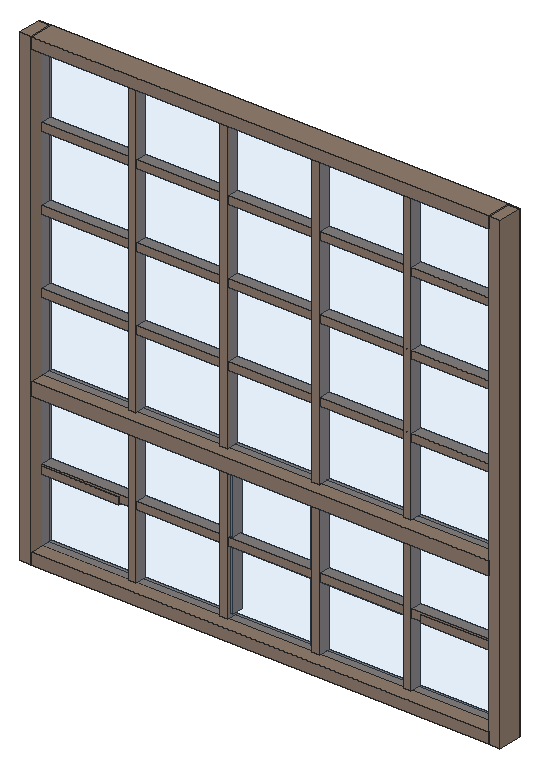
Revit family "Window_Curtain_Wall-Project_Out-Traco-NX_35X-Heavy_Commercial", category Windows, Revit 2015 (continued)
Nested families (in)
  nested 20: "Muntin-Grid-Traco-Lites" at (-12.13384, 0, 10.8125) x (1, 0, 0) z (0, 1, 0), Material <- "Frame Material", Glazing Thickness <- "Glazing Thickness", visible <- "CTRL Has No Vent", type "NX-350 - 10Lite"
    with Sash Height 1' - 6 5/8", Material Aluminum - Traco - Anodized - Bronze, Length 5' - 1", Glazing Thickness 0' - 1", CTRL Muntin Vertical Distance 0' - 9 5/16", CTRL Muntin Horizontal Distance 1' - 0.2", CTRL Face Offset 0' - 0 1/2", CTRL Bar Vertical Visibility yes, CTRL Bar Horizontal Visibility no, CTRL Array Vertical Visibility no, CTRL Array Horizontal Visibility yes, Muntin Horizontal Count 4, Lite Vertical Count 2, Lite Horizontal Count 5, Has True Muntins yes, Has Exterior Muntins no
  nested 21: "Muntin-Trapezoid-Traco-Single" at (6.16616, 0, 10.8125) x (0, 0, 1) z (0, 1, 0), type "1 1/2" x1""
    with Material Aluminum - Traco - Anodized - Bronze, Length 1' - 6 5/8", Width Top 0' - 1", Height 0' - 1 1/2"
  nested 22: "Muntin-Trapezoid-Traco-Single" at (-12.13384, 0, 10.8125) x (-1, 0, 0) z (0, 1, 0), type "1 1/2" x1""
    with Material Aluminum - Traco - Anodized - Bronze, Length 5' - 1", Width Top 0' - 1", Height 0' - 1 1/2"
  nested 23: "Muntin-Trapezoid-Traco-Single" at (-30.43384, 0, 10.8125) x (0, 0, 1) z (0, 1, 0), type "1 1/2" x1""
    with Material Aluminum - Traco - Anodized - Bronze, Length 1' - 6 5/8", Width Top 0' - 1", Height 0' - 1 1/2"
  nested 24: "Muntin-Trapezoid-Traco-Single" at (-12.13384, 0, 10.8125) x (-1, 0, 0) z (0, 1, 0), type "1 1/2" x1""
    with Material Aluminum - Traco - Anodized - Bronze, Length 5' - 1", Width Top 0' - 1", Height 0' - 1 1/2"
  nested 25: "Muntin-Trapezoid-Traco-Single" at (-12.13384, 0, 10.8125) x (1, 0, 0) z (0, 1, 0), type "1 1/2" x1""
    with Material Aluminum - Traco - Anodized - Bronze, Length 5' - 1", Width Top 0' - 1", Height 0' - 1 1/2"
  nested 26: "Muntin-Trapezoid-Traco-Single" at (-6.03384, 0, 10.8125) x (0, 0, 1) z (0, 1, 0), type "1 1/2" x1""
    with Material Aluminum - Traco - Anodized - Bronze, Length 1' - 6 5/8", Width Top 0' - 1", Height 0' - 1 1/2"
  nested 27: "Muntin-Trapezoid-Traco-Single" at (-18.23384, 0, 10.8125) x (0, 0, 1) z (0, 1, 0), type "1 1/2" x1""
    with Material Aluminum - Traco - Anodized - Bronze, Length 1' - 6 5/8", Width Top 0' - 1", Height 0' - 1 1/2"
Definition of nested family "Screen-Exterior-Traco-Half"
  Parameters
    Width [instance] = 4' - 0"
    URL = "http://www.alcoa.com/traco/en/home.asp"
    Screen Offset [instance] = 0' - 1 1/2"
    Screen Material = none
    Product Page URL = ""
    Product Documentation Link = ""
    Model = ""
    Frame Material = none
    Manufacturer = "Traco"  # constant formula
    Height [instance] = 7' - 0"
    Frame Width = 0' - 1 1/2"
    Frame Thickness = 0' - 0 3/8"
    Default Elevation = 4' - 0"
    Copyright © = "2011 Traco"  # constant formula
    CTRL Width [instance] = Width  # 4' - 0"
    CTRL Height [instance] = Height  # 7' - 0"
    Assembly Code = "B2010300"
  Reference planes (in)
    plane 1 "Center (Front/Back)": y = 0
    plane 2 "Original Ref": z = 0
    plane 3 "Center (Left/Right)": x = -1
    plane 4 "Bottom": z = 1.5
    plane 5 "Front": y = -42
    plane 6 "Back": y = 42
    plane 7 "Left": x = -25
    plane 8 "Right": x = 23
    plane 9 "Back Inset": y = 40.5
    plane 10 "Left Inset": x = -23.5
    plane 11 "Right Inset": x = 21.5
    plane 12 "Top": z = 1.875
    plane 13 "Front Inset": y = -40.5
    plane 14 "Screen Bottom": z = 1.635
  Forms (in)
    Extrusion 1, solid
      sketch origin (0, 0, 0) x (1, 0, 0) y (0, 1, 0)
        loop
          line (-48, 48) -> (-48, -48) -> (48, -48) -> (48, 48) -> (-48, 48)
      from 0 to -12
    Extrusion 2, solid, material <- "Frame Material", detail levels medium+fine
      sketch origin (0, 0, 0) x (1, 0, 0) y (0, 1, 0)
        loop
          line (-25, 42) -> (-25, -42) -> (23, -42) -> (23, 42) -> (-25, 42)
        loop
          line (21.5, -40.5) -> (21.5, 40.5) -> (-23.5, 40.5) -> (-23.5, -40.5) -> (21.5, -40.5)
      from 1.5 to 1.875
    Extrusion 3, solid, material <- "Screen Material", detail levels medium+fine
      sketch origin (0, 0, 1.875) x (-1, 0, 0) y (0, -1, 0)
        loop
          line (-21.5, 40.5) -> (-21.5, -40.5) -> (23.5, -40.5) -> (23.5, 40.5) -> (-21.5, 40.5)
      from -0.24 to 0
  Lines and regions (in)
    Masking region 1, detail levels medium+fine
      outline origin (0, 0, 0) x (1, 0, 0) y (0, 0, 1)
        loop
          line (-25, 1.875) -> (-25, 1.5) -> (-23.5, 1.5) -> (-23.5, 1.875) -> (-25, 1.875)
        loop
          line (23, 1.5) -> (23, 1.875) -> (21.5, 1.875) -> (21.5, 1.5) -> (23, 1.5)
    Masking region 2, detail levels medium+fine
      outline origin (0, 0, 1.875) x (-1, 0, 0) y (0, -1, 0)
        loop
          line (-23, 42) -> (-23, -42) -> (25, -42) -> (25, 42) -> (-23, 42)
        loop
          line (23.5, -40.5) -> (23.5, 40.5) -> (-21.5, 40.5) -> (-21.5, -40.5) -> (23.5, -40.5)
    Masking region 3, detail levels medium+fine
      outline origin (-1, 0, 0) x (0, 1, 0) y (0, 0, 1)
        loop
          line (-42, 1.875) -> (-42, 1.5) -> (-40.5, 1.5) -> (-40.5, 1.875) -> (-42, 1.875)
        loop
          line (42, 1.5) -> (42, 1.875) -> (40.5, 1.875) -> (40.5, 1.5) -> (42, 1.5)
    model lines, detail levels coarse
      curve 1: line (-25, -42, 1.875) -> (23, -42, 1.875)
      curve 2: line (23, -42, 1.875) -> (23, 42, 1.875)
      curve 3: line (23, 42, 1.875) -> (-25, 42, 1.875)
      curve 4: line (-25, 42, 1.875) -> (-25, -42, 1.875)
    model lines, detail levels fine
      curve 5: line (-25, 42, 1.875) -> (-23.5, 40.5, 1.875)
      curve 6: line (21.5, 40.5, 1.875) -> (23, 42, 1.875)
      curve 7: line (-25, -42, 1.875) -> (-23.5, -40.5, 1.875)
      curve 8: line (21.5, -40.5, 1.875) -> (23, -42, 1.875)
    symbolic lines
      curve 9: line (21.5, 0, 1.635) -> (-23.5, 0, 1.635)
      curve 10: line (-1, 40.5, 1.635) -> (-1, -40.5, 1.635)
      curve 13: line (-23.5, -40.5, 1.875) -> (21.5, 40.5, 1.875)
    symbolic lines, detail levels medium+fine
      curve 11: line (-23.5, 0, 1.875) -> (-1, 40.5, 1.875)
      curve 12: line (-1, -40.5, 1.875) -> (21.5, 0, 1.875)
    symbolic lines, detail levels coarse
      curve 14: line (-23.5, 0, 1.635) -> (-23.5, 0, 1.5)
      curve 15: line (21.5, 0, 1.635) -> (21.5, 0, 1.5)
      curve 16: line (-1, -40.5, 1.5) -> (-1, -40.5, 1.635)
      curve 17: line (-1, 40.5, 1.5) -> (-1, 40.5, 1.635)
  Dimensions and locks (in)
    plane 4 "Bottom" to plane 2 "Original Ref" = 0' - 1 1/2"
    "CTRL Width": plane 7 "Left" to plane 8 "Right"
    "CTRL Height": plane 5 "Front" to plane 6 "Back"
    "Frame Width": plane 6 "Back" to plane 9 "Back Inset"
    "Frame Width": plane 7 "Left" to plane 10 "Left Inset"
    "Frame Width": plane 11 "Right Inset" to plane 8 "Right"
    "Frame Thickness": plane 12 "Top" to plane 4 "Bottom"
    "Frame Width": plane 5 "Front" to plane 13 "Front Inset"
    equal spacing: plane 7 "Left", plane 3 "Center (Left/Right)", plane 8 "Right"
    locked: plane 12 "Top" to plane 14 "Screen Bottom" at 0.24
    equal spacing: plane 5 "Front", plane 1 "Center (Front/Back)", plane 6 "Back"
    "Screen Offset": plane 4 "Bottom" to plane 2 "Original Ref"
    aligned and locked: plane 2 "Original Ref" to Extrusion 1
    aligned and locked: level to Extrusion 1
    aligned and locked: Masking region 1 sketch curve to plane 12 "Top"
    aligned and locked: plane 4 "Bottom" to Masking region 1 sketch curve
    aligned and locked: Masking region 1 sketch curve to plane 7 "Left"
    aligned and locked: Masking region 2 sketch curve to plane 6 "Back"
    aligned and locked: Masking region 2 sketch curve to plane 7 "Left"
    aligned and locked: Masking region 2 sketch curve to plane 5 "Front"
    aligned and locked: Masking region 2 sketch curve to plane 8 "Right"
    aligned and locked: Masking region 2 sketch curve to plane 11 "Right Inset"
    aligned and locked: Masking region 2 sketch curve to plane 10 "Left Inset"
    aligned and locked: Masking region 2 sketch curve to plane 9 "Back Inset"
    aligned and locked: Masking region 2 sketch curve to plane 13 "Front Inset"
    aligned and locked: Extrusion 2 sketch curve to plane 9 "Back Inset"
    aligned and locked: Extrusion 2 sketch curve to plane 6 "Back"
    aligned and locked: Extrusion 2 sketch curve to plane 11 "Right Inset"
    aligned and locked: Extrusion 2 sketch curve to plane 8 "Right"
    aligned and locked: Extrusion 2 sketch curve to plane 10 "Left Inset"
    aligned and locked: Extrusion 2 sketch curve to plane 7 "Left"
    aligned and locked: Extrusion 2 sketch curve to plane 13 "Front Inset"
    aligned and locked: Extrusion 2 sketch curve to plane 5 "Front"
    aligned and locked: plane 12 "Top" to Extrusion 2
    aligned and locked: Extrusion 2 to plane 4 "Bottom"
    aligned and locked: curve 1 to Extrusion 2
    aligned and locked: curve 2 to Extrusion 2
    aligned and locked: curve 4 to Extrusion 2
    aligned and locked: Masking region 1 sketch curve to plane 8 "Right"
    aligned and locked: Masking region 3 sketch curve to plane 6 "Back"
    aligned and locked: Masking region 3 sketch curve to plane 5 "Front"
    aligned and locked: Masking region 3 sketch curve to plane 12 "Top"
    aligned and locked: Masking region 3 to plane 4 "Bottom"
    aligned and locked: plane 11 "Right Inset" to curve 8
    aligned and locked: plane 10 "Left Inset" to curve 7
    aligned and locked: plane 7 "Left" to curve 7
    aligned and locked: plane 10 "Left Inset" to curve 5
    aligned and locked: plane 11 "Right Inset" to curve 6
    aligned and locked: plane 5 "Front" to curve 8
    aligned and locked: plane 13 "Front Inset" to curve 8
    aligned and locked: plane 9 "Back Inset" to curve 6
    aligned and locked: plane 9 "Back Inset" to curve 5
    aligned and locked: plane 8 "Right" to curve 3
    aligned and locked: Extrusion 3 sketch curve to plane 9 "Back Inset"
    aligned and locked: Extrusion 3 sketch curve to plane 10 "Left Inset"
    aligned and locked: Extrusion 3 sketch curve to plane 13 "Front Inset"
    aligned and locked: Extrusion 3 sketch curve to plane 11 "Right Inset"
    aligned and locked: Extrusion 3 to plane 14 "Screen Bottom"
    aligned and locked: plane 12 "Top" to Extrusion 3
    aligned and locked: Masking region 1 sketch curve to plane 10 "Left Inset"
    aligned and locked: Masking region 1 sketch curve to plane 11 "Right Inset"
    aligned and locked: plane 11 "Right Inset" to curve 9
    aligned and locked: plane 14 "Screen Bottom" to curve 9
    aligned and locked: Masking region 3 sketch curve to plane 13 "Front Inset"
    aligned and locked: Masking region 3 sketch curve to plane 9 "Back Inset"
    aligned and locked: plane 13 "Front Inset" to curve 10
    aligned and locked: plane 9 "Back Inset" to curve 10
    aligned and locked: plane 14 "Screen Bottom" to curve 10
    aligned and locked: plane 6 "Back" to curve 6
    aligned and locked: plane 1 "Center (Front/Back)" to curve 12
    aligned and locked: plane 11 "Right Inset" to curve 12
    aligned and locked: plane 9 "Back Inset" to curve 11
    aligned and locked: plane 3 "Center (Left/Right)" to curve 11
    aligned and locked: plane 13 "Front Inset" to curve 12
    aligned and locked: plane 3 "Center (Left/Right)" to curve 12
    aligned and locked: plane 13 "Front Inset" to curve 13
    aligned and locked: plane 10 "Left Inset" to curve 11
    aligned and locked: plane 1 "Center (Front/Back)" to curve 11
    aligned and locked: plane 10 "Left Inset" to curve 14
    aligned and locked: plane 14 "Screen Bottom" to curve 14
    aligned and locked: plane 4 "Bottom" to curve 14
    aligned and locked: plane 14 "Screen Bottom" to curve 16
    aligned and locked: plane 4 "Bottom" to curve 16
    aligned and locked: curve 16 to plane 13 "Front Inset"
  Automatic sketch dimensions
    Extrusion 1 sketch curve to Extrusion 1 sketch curve = 8' - 0"  (x2)
    curve 15 to plane 4 "Bottom" = 0' - 0"
    Masking region 1 sketch curve to plane 4 "Bottom" = 0' - 0"
    Masking region 1 sketch curve to plane 12 "Top" = 0' - 0"
    Masking region 3 sketch curve to plane 4 "Bottom" = 0' - 0"  (x2)
    Masking region 3 sketch curve to plane 12 "Top" = 0' - 0"
    curve 17 to plane 4 "Bottom" = 0' - 0"
Definition of nested family "Muntin-Trapezoid-Traco-Single"
  Parameters
    Width Top = 0' - 0 7/16"
    Width Base = 0' - 1"
    URL = "http://www.alcoa.com/traco/en/home.asp"
    Product Page URL = "http://www.alcoa.com/traco/en/product.asp?prod_id=4228"
    Product Documentation Link = "http://www.alcoa.com/traco/en/cad_spec.asp?prod_id=4228&area=prod"
    Material [instance] = none
    Manufacturer = "Traco"  # constant formula
    Length [instance] = 1' - 0"
    Height = 0' - 0 5/8"
    Description = "Trapezoidal Profile"
    Copyright © = "2011 Traco"  # constant formula
  Reference planes (in)
    plane 1 "Center (Front/Back)": y = 0
    plane 2 "Original Bottom": z = 0
    plane 3 "Center (Left/Right)": x = 0
    plane 4 "Left": x = -6
    plane 5 "Right": x = 6
    plane 6 "Back": y = 0.5
    plane 7 "Front": y = -0.5
    plane 8 "Back Inset": y = 0.21875
    plane 9 "Front Inset": y = -0.21875
    plane 10 "Top": z = 0.625
    plane 11 "Bottom": z = 0
  Forms (in)
    Sweep 1, solid, material <- "Material", detail levels medium+fine
      path origin (0, 0, 0) x (0, -1, 0) y (1, 0, 0)
        loop
          line (0, 6) -> (0, -6)
      profile origin (0, 0, 0) x (0, -1, 0) y (0, 0, 1)
        loop
          line (0.5, 0) -> (0.21875, 0.625) -> (-0.21875, 0.625) -> (-0.5, 0) -> (0.5, 0)
  Lines and regions (in)
    Masking region 1, detail levels medium+fine
      outline origin (0, 0, 0) x (0, 1, 0) y (0, 0, 1)
        loop
          line (0.5, 0) -> (0.21875, 0.625) -> (-0.21875, 0.625) -> (-0.5, 0) -> (0.5, 0)
    Masking region 2, detail levels medium+fine
      outline origin (0, 0, 0) x (1, 0, 0) y (0, 1, 0)
        loop
          line (6, -0.5) -> (6, 0.5) -> (-6, 0.5) -> (-6, -0.5) -> (6, -0.5)
    Masking region 3, detail levels medium+fine
      outline origin (0, 0, 0) x (1, 0, 0) y (0, 0, 1)
        loop
          line (6, 0) -> (6, 0.625) -> (-6, 0.625) -> (-6, 0) -> (6, 0)
    symbolic lines, detail levels coarse
      curve 1: line (0, 0, 0) -> (0, 0, 0.625)
      curve 2: line (-6, 0, 0) -> (6, 0, 0)
      curve 3: line (-6, 0, 0) -> (-6, 0, 0.625)
      curve 4: line (-6, 0, 0.625) -> (6, 0, 0.625)
      curve 5: line (6, 0, 0.625) -> (6, 0, 0)
    model lines, detail levels coarse
      curve 6: line (-6, 0, 0) -> (6, 0, 0)
  Dimensions and locks (in)
    equal spacing: plane 4 "Left", plane 3 "Center (Left/Right)", plane 5 "Right"
    "Length": plane 4 "Left" to plane 5 "Right"
    equal spacing: plane 6 "Back", plane 1 "Center (Front/Back)", plane 7 "Front"
    "Width Base": plane 7 "Front" to plane 6 "Back"
    equal spacing: plane 8 "Back Inset", plane 1 "Center (Front/Back)", plane 9 "Front Inset"
    "Width Top": plane 9 "Front Inset" to plane 8 "Back Inset"
    locked: plane 11 "Bottom" to plane 2 "Original Bottom" at 0
    "Height": plane 10 "Top" to plane 11 "Bottom"
    aligned and locked: plane 2 "Original Bottom" to level
    aligned and locked: plane 4 "Left" to Sweep 1 sketch curve
    aligned and locked: Sweep 1 sketch curve to plane 1 "Center (Front/Back)"
    aligned and locked: plane 5 "Right" to Sweep 1 sketch curve
    aligned and locked: plane 7 "Front" to Sweep 1 sketch curve
    aligned and locked: plane 11 "Bottom" to Sweep 1 sketch curve  (x2)
    aligned and locked: plane 6 "Back" to Sweep 1 sketch curve
    aligned and locked: plane 10 "Top" to Sweep 1 sketch curve
    aligned and locked: plane 8 "Back Inset" to Sweep 1 sketch curve
    aligned and locked: plane 9 "Front Inset" to Sweep 1 sketch curve
    aligned and locked: Sweep 1 sketch curve to plane 10 "Top"
    aligned and locked: Masking region 1 sketch curve to plane 11 "Bottom"
    aligned and locked: plane 10 "Top" to Masking region 1 sketch curve
    aligned and locked: plane 8 "Back Inset" to Masking region 1 sketch curve
    aligned and locked: plane 9 "Front Inset" to Masking region 1 sketch curve
    aligned and locked: plane 7 "Front" to Masking region 1 sketch curve
    aligned and locked: plane 6 "Back" to Masking region 1 sketch curve
    aligned and locked: curve 1 to plane 1 "Center (Front/Back)"
    aligned and locked: plane 11 "Bottom" to curve 1
    aligned and locked: plane 10 "Top" to curve 1
    aligned and locked: plane 4 "Left" to curve 2
    aligned and locked: plane 5 "Right" to curve 2
    aligned and locked: plane 1 "Center (Front/Back)" to curve 2
    aligned and locked: Masking region 2 sketch curve to plane 4 "Left"
    aligned and locked: Masking region 2 sketch curve to plane 5 "Right"
    aligned and locked: Masking region 2 sketch curve to plane 6 "Back"
    aligned and locked: Masking region 2 sketch curve to plane 7 "Front"
    aligned and locked: Masking region 3 sketch curve to plane 4 "Left"
    aligned and locked: Masking region 3 sketch curve to plane 5 "Right"
    aligned and locked: plane 11 "Bottom" to Masking region 3 sketch curve
    aligned and locked: Masking region 3 sketch curve to plane 10 "Top"
    aligned and locked: plane 11 "Bottom" to curve 3
    aligned and locked: plane 11 "Bottom" to curve 5
    aligned and locked: curve 5 to plane 5 "Right"
    aligned and locked: curve 3 to plane 4 "Left"
    aligned and locked: curve 4 to plane 10 "Top"
    aligned and locked: plane 5 "Right" to curve 6
    aligned and locked: plane 4 "Left" to curve 6
    aligned and locked: plane 1 "Center (Front/Back)" to curve 6
Definition of nested family "Muntin-Grid-Traco-Lites"
  Parameters
    URL = "http://www.alcoa.com/traco/en/home.asp"
    Sash Height [instance] = 4' - 0"
    Muntin Vertical Count = if((Lite Vertical Count - 1) < 2, 2, (Lite Vertical Count - 1))  # 2
    Muntin Type = Muntin-Trapezoid-Traco-Single : H-081
    Muntin Horizontal Count = if((Lite Horizontal Count - 1) < 2, 2, (Lite Horizontal Count - 1))  # 2
    Material [instance] = none
    Manufacturer = "Traco"  # constant formula
    Lite Vertical Count = 3
    Lite Horizontal Count = 3
    Length [instance] = 4' - 0"
    Has True Muntins = no
    Has Interior Muntins = no
    Has Exterior Muntins = yes
    Glazing Thickness [instance] = 0' - 0 7/8"
    Default Elevation = 4' - 0"
    Copyright © = "2011 Traco"  # constant formula
    CTRL Muntin Vertical Distance [instance] = Sash Height / (Lite Vertical Count)  # 1' - 4"
    CTRL Muntin Horizontal Distance [instance] = Length / (Lite Horizontal Count)  # 1' - 4"
    CTRL Face Offset [instance] = if(Has Interior Muntins, 0' 0 1/4", if(Has Exterior Muntins, Glazing Thickness, Glazing Thickness / 2))  # 0' - 0 7/8"
    CTRL Bar Vertical Visibility [instance] = Lite Vertical Count = 2  # no
    CTRL Bar Horizontal Visibility [instance] = Lite Horizontal Count = 2  # no
    CTRL Array Vertical Visibility [instance] = Lite Vertical Count > 2  # yes
    CTRL Array Horizontal Visibility [instance] = Lite Horizontal Count > 2  # yes
    Assembly Code = "B2020110"
  Reference planes (in)
    plane 1 "Center (Front/Back)": y = 0
    plane 2 "Original  Bottom": z = 0
    plane 3 "Center (Left/Right)": x = 0
    plane 4 "Left": x = -24
    plane 5 "Right": x = 24
    plane 6 "Bottom": z = 0.4375
    plane 7 "Glass Top": z = 0.4375
    plane 8 "Glass Bottom": z = -0.4375
    plane 9 "Back": y = 24
    plane 10 "Front": y = -24
    plane 11 "Bar 1 Vertical": y = -8
    plane 12 "Bar Last Vertical": y = 8
    plane 13 "Bar Last Horizontal": x = 8
    plane 14 "Bar 1 Horizontal": x = -8
  Forms (in)
    Extrusion 1, solid
      sketch origin (0, 0, 0) x (1, 0, 0) y (0, 1, 0)
        loop
          line (-48, 48) -> (-48, -48) -> (48, -48) -> (48, 48) -> (-48, 48)
      from 0 to -12
  Dimensions and locks (in)
    equal spacing: plane 4 "Left", plane 3 "Center (Left/Right)", plane 5 "Right"
    "Length": plane 4 "Left" to plane 5 "Right"
    "Glazing Thickness": plane 7 "Glass Top" to plane 8 "Glass Bottom"
    equal spacing: plane 9 "Back", plane 1 "Center (Front/Back)", plane 10 "Front"
    "Sash Height": plane 10 "Front" to plane 9 "Back"
    "CTRL Muntin Vertical Distance": plane 10 "Front" to plane 11 "Bar 1 Vertical"
    "CTRL Muntin Vertical Distance": plane 12 "Bar Last Vertical" to plane 9 "Back"
    "CTRL Muntin Horizontal Distance": plane 4 "Left" to plane 14 "Bar 1 Horizontal"
    "CTRL Muntin Horizontal Distance": plane 13 "Bar Last Horizontal" to plane 5 "Right"
    equal spacing: plane 7 "Glass Top", plane 2 "Original  Bottom", plane 8 "Glass Bottom"
    group 1 to group 2 = 0' - 0"  (x2)
    group 1 to group 2 = 1' - 4"
    group 3 to group 4 = 1' - 4"
    group 3 to group 4 = 0' - 0"  (x2)
    "CTRL Face Offset": plane 6 "Bottom" to plane 8 "Glass Bottom"
    aligned and locked: plane 2 "Original  Bottom" to Extrusion 1
    aligned and locked: level to Extrusion 1
    aligned and locked: plane 6 "Bottom" to nested 1
    aligned and locked: plane 6 "Bottom" to nested 3
    aligned and locked: plane 6 "Bottom" to nested 2
    aligned and locked: plane 6 "Bottom" to nested 4
    aligned and locked: nested 3 to plane 11 "Bar 1 Vertical"
    aligned and locked: nested 4 to plane 14 "Bar 1 Horizontal"
    aligned and locked: nested 3 to plane 3 "Center (Left/Right)"
    aligned and locked: plane 1 "Center (Front/Back)" to nested 4
    aligned and locked: plane 3 "Center (Left/Right)" to nested 2
    aligned and locked: nested 2 to plane 1 "Center (Front/Back)"
    aligned and locked: plane 1 "Center (Front/Back)" to nested 1
    aligned and locked: plane 3 "Center (Left/Right)" to nested 1
    aligned and locked: nested 5 to plane 3 "Center (Left/Right)"
    aligned and locked: plane 1 "Center (Front/Back)" to nested 6
    aligned and locked: plane 6 "Bottom" to nested 6
    aligned and locked: nested 5 to plane 12 "Bar Last Vertical"
    aligned and locked: nested 6 to plane 13 "Bar Last Horizontal"
    aligned and locked: plane 6 "Bottom" to nested 5
  Automatic sketch dimensions
    Extrusion 1 sketch curve to Extrusion 1 sketch curve = 8' - 0"  (x2)
  Nested families (in)
    nested 1: "Muntin-Trapezoid-Traco-Single" at (0, 0, 0.4375), Length <- "Length", visible <- "CTRL Bar Vertical Visibility", type <- "Muntin Type", Material <- "Material", type "H-081"
      with Material none, Length 4' - 0"
    nested 2: "Muntin-Trapezoid-Traco-Single" at (0, 0, 0.4375) x (0, 1, 0) z (0, 0, 1), Length <- "Sash Height", visible <- "CTRL Bar Horizontal Visibility", type <- "Muntin Type", Material <- "Material", type "H-081"
      with Material none, Length 4' - 0"
    nested 3: "Muntin-Trapezoid-Traco-Single" at (0, -8, 0.4375) x (-1, 0, 0) z (0, 0, 1), Length <- "Length", visible <- "CTRL Array Horizontal Visibility", type <- "Muntin Type", Material <- "Material", type "H-081"
      with Material none, Length 4' - 0"
    nested 4: "Muntin-Trapezoid-Traco-Single" at (-8, 0, 0.4375) x (0, -1, 0) z (0, 0, 1), Length <- "Sash Height", visible <- "CTRL Array Horizontal Visibility", type <- "Muntin Type", Material <- "Material", type "H-081"
      with Material none, Length 4' - 0"
    nested 5: "Muntin-Trapezoid-Traco-Single" at (0, 8, 0.4375) x (-1, 0, 0) z (0, 0, 1), Length <- "Length", visible <- "CTRL Array Horizontal Visibility", type <- "Muntin Type", Material <- "Material", type "H-081"
      with Material none, Length 4' - 0"
    nested 6: "Muntin-Trapezoid-Traco-Single" at (8, 0, 0.4375) x (0, -1, 0) z (0, 0, 1), Length <- "Sash Height", visible <- "CTRL Array Horizontal Visibility", type <- "Muntin Type", Material <- "Material", type "H-081"
      with Material none, Length 4' - 0"
  Definition of nested family "Muntin-Trapezoid-Traco-Single"
    Parameters
      Width Top = 0' - 0 7/16"
      Width Base = 0' - 1"
      URL = "http://www.alcoa.com/traco/en/home.asp"
      Product Page URL = "http://www.alcoa.com/traco/en/product.asp?prod_id=4228"
      Product Documentation Link = "http://www.alcoa.com/traco/en/cad_spec.asp?prod_id=4228&area=prod"
      Material [instance] = none
      Manufacturer = "Traco"  # constant formula
      Length [instance] = 1' - 0"
      Height = 0' - 0 5/8"
      Description = "Trapezoidal Profile"
      Copyright © = "2011 Traco"  # constant formula
    Reference planes (in)
      plane 1 "Center (Front/Back)": y = 0
      plane 2 "Original Bottom": z = 0
      plane 3 "Center (Left/Right)": x = 0
      plane 4 "Left": x = -6
      plane 5 "Right": x = 6
      plane 6 "Back": y = 0.5
      plane 7 "Front": y = -0.5
      plane 8 "Back Inset": y = 0.21875
      plane 9 "Front Inset": y = -0.21875
      plane 10 "Top": z = 0.625
      plane 11 "Bottom": z = 0
    Forms (in)
      Sweep 1, solid, material <- "Material", detail levels medium+fine
        path origin (0, 0, 0) x (0, -1, 0) y (1, 0, 0)
          loop
            line (0, 6) -> (0, -6)
        profile origin (0, 0, 0) x (0, -1, 0) y (0, 0, 1)
          loop
            line (0.5, 0) -> (0.21875, 0.625) -> (-0.21875, 0.625) -> (-0.5, 0) -> (0.5, 0)
    Lines and regions (in)
      Masking region 1, detail levels medium+fine
        outline origin (0, 0, 0) x (0, 1, 0) y (0, 0, 1)
          loop
            line (0.5, 0) -> (0.21875, 0.625) -> (-0.21875, 0.625) -> (-0.5, 0) -> (0.5, 0)
      Masking region 2, detail levels medium+fine
        outline origin (0, 0, 0) x (1, 0, 0) y (0, 1, 0)
          loop
            line (6, -0.5) -> (6, 0.5) -> (-6, 0.5) -> (-6, -0.5) -> (6, -0.5)
      Masking region 3, detail levels medium+fine
        outline origin (0, 0, 0) x (1, 0, 0) y (0, 0, 1)
          loop
            line (6, 0) -> (6, 0.625) -> (-6, 0.625) -> (-6, 0) -> (6, 0)
      symbolic lines, detail levels coarse
        curve 1: line (0, 0, 0) -> (0, 0, 0.625)
        curve 2: line (-6, 0, 0) -> (6, 0, 0)
        curve 3: line (-6, 0, 0) -> (-6, 0, 0.625)
        curve 4: line (-6, 0, 0.625) -> (6, 0, 0.625)
        curve 5: line (6, 0, 0.625) -> (6, 0, 0)
      model lines, detail levels coarse
        curve 6: line (-6, 0, 0) -> (6, 0, 0)
    Dimensions and locks (in)
      equal spacing: plane 4 "Left", plane 3 "Center (Left/Right)", plane 5 "Right"
      "Length": plane 4 "Left" to plane 5 "Right"
      equal spacing: plane 6 "Back", plane 1 "Center (Front/Back)", plane 7 "Front"
      "Width Base": plane 7 "Front" to plane 6 "Back"
      equal spacing: plane 8 "Back Inset", plane 1 "Center (Front/Back)", plane 9 "Front Inset"
      "Width Top": plane 9 "Front Inset" to plane 8 "Back Inset"
      locked: plane 11 "Bottom" to plane 2 "Original Bottom" at 0
      "Height": plane 10 "Top" to plane 11 "Bottom"
      aligned and locked: plane 2 "Original Bottom" to level
      aligned and locked: plane 4 "Left" to Sweep 1 sketch curve
      aligned and locked: Sweep 1 sketch curve to plane 1 "Center (Front/Back)"
      aligned and locked: plane 5 "Right" to Sweep 1 sketch curve
      aligned and locked: plane 7 "Front" to Sweep 1 sketch curve
      aligned and locked: plane 11 "Bottom" to Sweep 1 sketch curve  (x2)
      aligned and locked: plane 6 "Back" to Sweep 1 sketch curve
      aligned and locked: plane 10 "Top" to Sweep 1 sketch curve
      aligned and locked: plane 8 "Back Inset" to Sweep 1 sketch curve
      aligned and locked: plane 9 "Front Inset" to Sweep 1 sketch curve
      aligned and locked: Sweep 1 sketch curve to plane 10 "Top"
      aligned and locked: Masking region 1 sketch curve to plane 11 "Bottom"
      aligned and locked: plane 10 "Top" to Masking region 1 sketch curve
      aligned and locked: plane 8 "Back Inset" to Masking region 1 sketch curve
      aligned and locked: plane 9 "Front Inset" to Masking region 1 sketch curve
      aligned and locked: plane 7 "Front" to Masking region 1 sketch curve
      aligned and locked: plane 6 "Back" to Masking region 1 sketch curve
      aligned and locked: curve 1 to plane 1 "Center (Front/Back)"
      aligned and locked: plane 11 "Bottom" to curve 1
      aligned and locked: plane 10 "Top" to curve 1
      aligned and locked: plane 4 "Left" to curve 2
      aligned and locked: plane 5 "Right" to curve 2
      aligned and locked: plane 1 "Center (Front/Back)" to curve 2
      aligned and locked: Masking region 2 sketch curve to plane 4 "Left"
      aligned and locked: Masking region 2 sketch curve to plane 5 "Right"
      aligned and locked: Masking region 2 sketch curve to plane 6 "Back"
      aligned and locked: Masking region 2 sketch curve to plane 7 "Front"
      aligned and locked: Masking region 3 sketch curve to plane 4 "Left"
      aligned and locked: Masking region 3 sketch curve to plane 5 "Right"
      aligned and locked: plane 11 "Bottom" to Masking region 3 sketch curve
      aligned and locked: Masking region 3 sketch curve to plane 10 "Top"
      aligned and locked: plane 11 "Bottom" to curve 3
      aligned and locked: plane 11 "Bottom" to curve 5
      aligned and locked: curve 5 to plane 5 "Right"
      aligned and locked: curve 3 to plane 4 "Left"
      aligned and locked: curve 4 to plane 10 "Top"
      aligned and locked: plane 5 "Right" to curve 6
      aligned and locked: plane 4 "Left" to curve 6
      aligned and locked: plane 1 "Center (Front/Back)" to curve 6
Types (3): name | Has Full Screen | CTRL Has Vent | CTRL Has No Vent | CTRL Has Full Screen
  (no name) | no | no | yes | no
  NX-35X - Project_Out - Fixed/Vent | yes | yes | no | yes
  NX-35X - Project_Out - Fixed | no | no | yes | no
